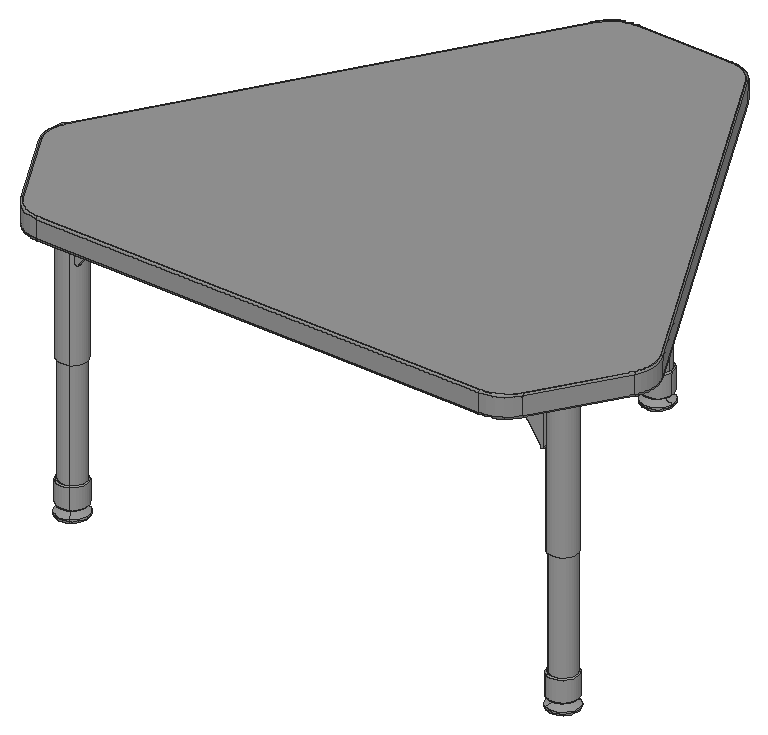
Revit family "Hierarchy Monroe Standard Desk - Youth Height", category Furniture, Revit 2018
Family settings
  Work Plane-Based = No
  Always vertical = Yes
  Cut with Voids When Loaded = No
  Shared = No
  Room Calculation Point = No
Parameters
  Table Height = 1' - 4"
  Surface = Hierarchy Monroe Standard Desk Youth Surface
  Leg Finish = Hierarchy Leg Platinum
  Edgeband = Hierarchy Monroe Standard Desk Youth Edgeband
  Caster/Glide = Hierarchy Youth Leg - Glide : Hierarchy Youth Leg - Glide
Reference planes (in)
  plane 1 "Center (Front/Back)": y = 0
  plane 2: z = 0
  plane 3 "Center (Left/Right)": x = 0
  plane 4: z = 16
Dimensions and locks (in)
  "Table Height": plane 4 to level
  aligned and locked: plane 2 to level
  aligned and locked: nested 3 to plane 4
Nested families (in)
  nested 1: "Hierarchy Youth Leg - Glide" at (0, 9.79557, 0), Leg Finish <- "Leg Finish", Leg Height <- "Table Height", type "Hierarchy Youth Leg - Glide"
    with Leg Height 1' - 4", Leg Finish Hierarchy Leg Platinum
  nested 2: "Hierarchy Youth Leg - Glide" at (-13.74879, -14.01803, 0) x (0.5, -0.866, 0) z (0, 0, 1), type <- "Caster/Glide", Leg Finish <- "Leg Finish", Leg Height <- "Table Height", type "Hierarchy Youth Leg - Glide"
    with Leg Height 1' - 4", Leg Finish Hierarchy Leg Platinum
  nested 3: "Hierarchy Monroe Standard Tabletop" at (0, 0, -7.925), type "Hierarchy Monroe Standard Tabletop"
  nested 4: "Hierarchy Youth Leg - Glide" at (13.74879, -14.01803, 0) x (-0.5, -0.866, 0) z (0, 0, 1), type <- "Caster/Glide", Leg Finish <- "Leg Finish", Leg Height <- "Table Height", type "Hierarchy Youth Leg - Glide"
    with Leg Height 1' - 4", Leg Finish Hierarchy Leg Platinum
Definition of nested family "Hierarchy Youth Leg - Glide"
  Parameters (values of type "Hierarchy Youth Leg - Glide")
    Leg Finish [instance] = none
    Leg Height [instance] = 1' - 4.80117"
  Reference planes (in)
    plane 1 "Center (Front/Back)": y = 0
    plane 2: z = 0
    plane 3 "Center (Left/Right)": x = 0
  Forms (in)
    Extrusion 1, solid
      sketch origin (-0.01562, 0, 0) x (1, 0, 0) y (0, 1, 0)
        loop
          circle (0.01563, 0) r 0.67016
      from 0.67618 to 10.55018
    Revolve 2, solid
      sketch origin (0, 0, 0) x (1, 0, 0) y (0, 0, 1)
        loop
          line (-0.73189, 1.80118) -> (-0.79439, 1.73867) -> (-0.79439, 0.61381) -> (-0.73176, 0.55118) -> (-0.125, 0.55118) -> (-0.125, 0.42618) -> (-0.84656, 0.16241) -> (-0.84656, 0.08994) -> (-0.81359, 0) -> (0, 0) -> (0, 1.80118) -> (-0.73189, 1.80118)
        axis (0, 1.80118) -> (0, 0)
      angle from 0 to 360
  Dimensions and locks (in)
    "Leg Height": nested 1 to level  (x2)
    aligned and locked: plane 2 to level
  Automatic sketch dimensions
    plane 1 "Center (Front/Back)" to Extrusion 1 sketch curve = 0' - 0"
    Extrusion 1 sketch curve to plane 3 "Center (Left/Right)" = 0' - 0"
    Revolve 2 sketch curve to level = 0' - 0"
    Revolve 2 sketch curve to plane 3 "Center (Left/Right)" = 0' - 0"  (x2)
    Revolve 2 sketch curve to plane 3 "Center (Left/Right)" = 0' - 0 1/8"
    Revolve 2 sketch curve to Revolve 2 sketch curve = 0' - 0.60676"
    Revolve 2 sketch curve to Revolve 2 sketch curve = 0' - 0.73189"
    Revolve 2 sketch curve to Revolve 2 sketch curve = 0' - 0.06263"  (x2)
    Revolve 2 sketch curve to Revolve 2 sketch curve = 0' - 0.08183"
    Revolve 2 sketch curve to Revolve 2 sketch curve = 0' - 0.03297"
    level to Revolve 2 sketch curve = 0' - 0.08994"
    Revolve 2 sketch curve to Revolve 2 sketch curve = 0' - 0.07247"
    level to Revolve 2 sketch curve = 0' - 0.42618"
    Revolve 2 sketch curve to Revolve 2 sketch curve = 0' - 0 1/8"
    Revolve 2 sketch curve to Revolve 2 sketch curve = 0' - 1.12486"
    Revolve 2 sketch curve to Revolve 2 sketch curve = 0' - 0 1/16"
    Revolve 2 sketch curve to level = 2' - 0"
    Revolve 2 sketch curve to Revolve 2 sketch curve = 8' - 4.91764"
    radius of Extrusion 1 sketch curve = 0' - 0.67016"
  Nested families (in)
    nested 1: "Hierarchy Youth Upper Leg 2023" at (0, 0, 0), Leg Finish <- "Leg Finish", type "Hierarchy Youth Upper Leg 2023"
      with Leg Finish none
  Definition of nested family "Hierarchy Youth Upper Leg 2023"
    Parameters (values of type "Hierarchy Youth Upper Leg 2023")
      Leg Finish [instance] = none
    Reference planes (in)
      plane 1 "Center (Front/Back)": y = 0
      plane 2: z = 0
      plane 3 "Center (Left/Right)": x = 0
    Forms (in)
      Extrusion 1, solid, material <- "Leg Finish"
        sketch origin (0, 0, -11.001) x (1, 0, 0) y (0, 1, 0)
          loop
            circle (0, 0) r 0.75
        from 19.67618 to 27.67618
      Extrusion 2, solid, material <- "Leg Finish"
        sketch origin (0, 0, -11.001) x (1, 0, 0) y (0, 1, 0)
          loop
            line (-1.70174, 0.19183) -> (-2.88626, -2.26116)
            arc (-2.88626, -2.26116) -> (-2.83993, -3.09822) -> (-2.1063, -3.50394) r 0.86614
            line (-2.1063, -3.50394) -> (2.1063, -3.50394)
            arc (2.1063, -3.50394) -> (2.83993, -3.09822) -> (2.88626, -2.26116) r 0.86614
            line (2.88626, -2.26116) -> (1.70174, 0.19183)
            arc (1.70174, 0.19183) -> (0, 1.25984) -> (-1.70174, 0.19183) r 1.88976
        from 27.67618 to 27.80217
      Extrusion 3, solid, material <- "Leg Finish"
        sketch origin (-1.48519, 8.66524, -11.001) x (-0.434844, 0.900506, 0) y (0, 0, 1)
          loop
            line (-9.01425, 27.67618) -> (-11.80952, 27.67618)
            arc (-11.80952, 27.67618) -> (-11.92325, 27.58993) -> (-11.87088, 27.45715) r 0.11811
            arc (-11.87088, 27.45715) -> (-10.39364, 26.29679) -> (-9.23328, 24.81955) r 7.87402
            arc (-9.23328, 24.81955) -> (-9.1005, 24.76717) -> (-9.01425, 24.88091) r 0.11811
            line (-9.01425, 24.88091) -> (-9.01425, 27.67618)
        from -1.94075 to -1.81476
      Extrusion 4, solid, material <- "Leg Finish"
        sketch origin (1.48519, 8.66524, -11.001) x (0.434844, 0.900506, 0) y (0, 0, -1)
          loop
            line (-9.01425, -27.67618) -> (-9.01425, -24.88091)
            arc (-9.01425, -24.88091) -> (-9.1005, -24.76717) -> (-9.23328, -24.81955) r 0.11811
            arc (-9.23328, -24.81955) -> (-10.39364, -26.29679) -> (-11.87088, -27.45715) r 7.87402
            arc (-11.87088, -27.45715) -> (-11.92325, -27.58993) -> (-11.80952, -27.67618) r 0.11811
            line (-11.80952, -27.67618) -> (-9.01425, -27.67618)
        from -1.94075 to -1.81476
    Dimensions and locks (in)
      aligned and locked: plane 2 to level
Definition of nested family "Hierarchy Monroe Standard Tabletop"
  Parameters (values of type "Hierarchy Monroe Standard Tabletop")
    Surface = none
    Edgeband = none
  Reference planes (in)
    plane 1 "Center (Front/Back)": y = 0
    plane 2: z = 0
    plane 3 "Center (Left/Right)": x = 0
  Forms (in)
    Extrusion 1, solid, material <- "Surface"
      sketch origin (0, 0, 0) x (1, 0, 0) y (0, 1, 0)
        loop
          line (-4.22783, 10.67081) -> (-16.61256, -10.78018)
          arc (-16.61256, -10.78018) -> (-16.86031, -11.70479) -> (-16.61256, -12.62939) r 1.8492
          line (-16.61256, -12.62939) -> (-13.98619, -17.17839)
          arc (-13.98619, -17.17839) -> (-13.30934, -17.85525) -> (-12.38474, -18.103) r 1.8492
          line (-12.38474, -18.103) -> (12.38474, -18.103)
          arc (12.38474, -18.103) -> (13.30934, -17.85525) -> (13.98619, -17.17839) r 1.8492
          line (13.98619, -17.17839) -> (16.61256, -12.62939)
          arc (16.61256, -12.62939) -> (16.86031, -11.70479) -> (16.61256, -10.78018) r 1.8492
          line (16.61256, -10.78018) -> (4.22783, 10.67081)
          arc (4.22783, 10.67081) -> (3.55097, 11.34766) -> (2.62637, 11.59541) r 1.8492
          line (2.62637, 11.59541) -> (-2.62637, 11.59541)
          arc (-2.62637, 11.59541) -> (-3.55097, 11.34766) -> (-4.22783, 10.67081) r 1.8492
      from 23.925 to 25.125
    Sweep 2, solid, material <- "Edgeband"
      path origin (0, 0, 0) x (1, 0, 0) y (0, 1, 0)
        loop
          line (2.62637, 11.59541) -> (-2.62637, 11.59541)
          arc (-2.62637, 11.59541) -> (-3.55097, 11.34766) -> (-4.22783, 10.67081) r 1.8492
          line (-4.22783, 10.67081) -> (-16.61256, -10.78018)
          arc (-16.61256, -10.78018) -> (-16.86031, -11.70479) -> (-16.61256, -12.62939) r 1.8492
          line (-16.61256, -12.62939) -> (-13.98619, -17.17839)
          arc (-13.98619, -17.17839) -> (-13.30934, -17.85525) -> (-12.38474, -18.103) r 1.8492
          line (-12.38474, -18.103) -> (12.38474, -18.103)
          arc (12.38474, -18.103) -> (13.30934, -17.85525) -> (13.98619, -17.17839) r 1.8492
          line (13.98619, -17.17839) -> (16.61256, -12.62939)
          arc (16.61256, -12.62939) -> (16.86031, -11.70479) -> (16.61256, -10.78018) r 1.8492
          line (16.61256, -10.78018) -> (4.22783, 10.67081)
          arc (4.22783, 10.67081) -> (3.55097, 11.34766) -> (2.62637, 11.59541) r 1.8492
      profile origin (0, 11.59541, 0) x (0, -1, 0) y (0, 0, 1)
        loop
          arc (0, 25.125) -> (-0.07071, 25.09571) -> (-0.1, 25.025) r 0.1
          line (-0.1, 25.025) -> (-0.1, 24.025)
          arc (-0.1, 24.025) -> (-0.07071, 23.95429) -> (0, 23.925) r 0.1
          line (0, 23.925) -> (0, 25.125)
  Dimensions and locks (in)
    aligned and locked: plane 2 to level
